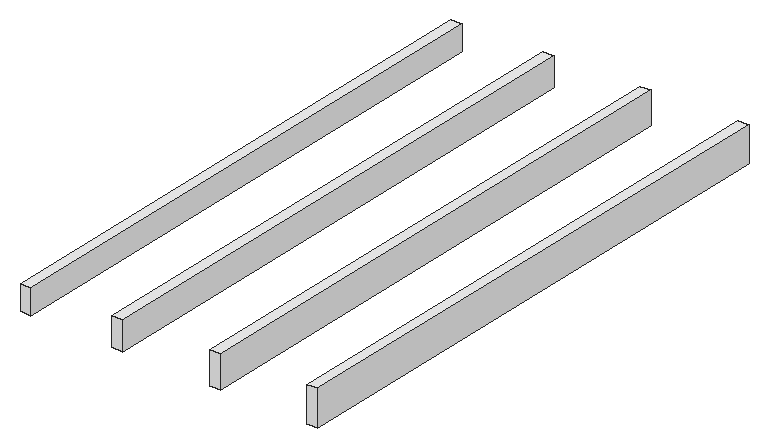
Revit family "Laje_Con_Nervurada_Vigarfa", category Structural Framing, Revit 2020
Family settings
  Section Shape = Not Defined
  Material for Model Behavior = Other
  Always export as geometry = No
  OmniClass Number = 23.25.30.11.14.14
  OmniClass Title = Beams
  Always vertical = Yes
  Cut with Voids When Loaded = No
  Symbolic Representation = From Family
  Shared = No
  Show family pre-cut in plan views = Yes
Parameters (values of type "LAJ_CON_NER_COB")
  Structural Material [instance] = Default
  Material_Lajes = CT_Concreto
  Length [instance] = 3.000 m
  Comp [instance] = 15.000 m
Reference planes (m)
  plane 1 "Center (Front/Back)": y = 0
  plane 2 "Center Elevation": z = 0
  plane 3 "Center (Left/Right)": x = 0
  plane 4 "Left": x = -1.5
  plane 5 "Right": x = 1.5
Forms (m)
  Extrusion 1, solid, material "CT_Concreto" <- "Material_Lajes"
    sketch origin (0, 0, 0) x (1, 0, 0) y (0, 0, 1)
      loop
        line (-6.635714, 0.79188) -> (-6.935714, 0.781138) -> (-6.935714, 0) -> (-6.635714, 0) -> (-6.635714, 0.79188)
      loop
        line (-9.2, 0.700064) -> (-9.5, 0.689322) -> (-9.5, 0) -> (-9.2, 0) -> (-9.2, 0.700064)
      loop
        line (-1.207143, 0.986254) -> (-1.507143, 0.975512) -> (-1.507143, 0) -> (-1.207143, 0) -> (-1.207143, 0.986254)
      loop
        line (-3.921429, 0.889067) -> (-4.221429, 0.878325) -> (-4.221429, 0) -> (-3.921429, 0) -> (-3.921429, 0.889067)
    from 0 to 15
Lines and regions (m)
  model lines, style "Stick Symbols", detail levels coarse
    curve 1: line (-1, 0, 0) -> (1, 0, 0)
Dimensions and locks (m)
  "Length": plane 4 "Left" to plane 5 "Right"
  "Comp": Extrusion 1 to Extrusion 1
  aligned and locked: plane 1 "Center (Front/Back)" to curve 1
  aligned and locked: level to plane 2 "Center Elevation"
  aligned and locked: plane 2 "Center Elevation" to Extrusion 1
  aligned and locked: Extrusion 1 to plane 2 "Center Elevation"
Automatic sketch dimensions
  Extrusion 1 sketch curve to level = 0.000 m  (x4)
  level to Extrusion 1 sketch curve = 0.689322 m
  Extrusion 1 sketch curve to Extrusion 1 sketch curve = 0.010742 m  (x4)
  curve 1 to plane 4 "Left" = 0.500 m
  Extrusion 1 sketch curve to plane 4 "Left" = 0.292857 m
  plane 5 "Right" to curve 1 = 0.500 m
  plane 4 "Left" to Extrusion 1 sketch curve = 0.007143 m
  level to Extrusion 1 sketch curve = 0.781138 m
  level to Extrusion 1 sketch curve = 0.878325 m
  Extrusion 1 sketch curve to Extrusion 1 sketch curve = 2.264286 m
  Extrusion 1 sketch curve to Extrusion 1 sketch curve = 0.300 m  (x3)
  Extrusion 1 sketch curve to Extrusion 1 sketch curve = 2.414286 m  (x2)
  level to Extrusion 1 sketch curve = 0.975512 m
